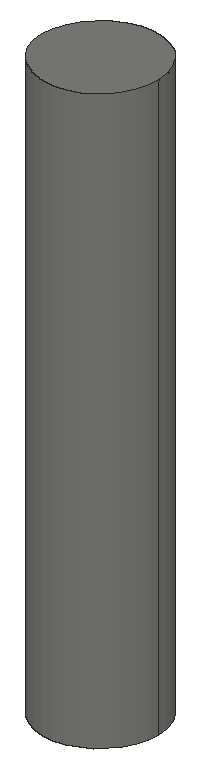
Revit family "Concrete - Round (column)", category Structural Columns, Revit 2017
Family settings
  Display in Hidden Views = Edges Hidden by Other Members
  Section Shape = Not Defined
  Material for Model Behavior = Concrete
  Always export as geometry = No
  Beam cutback in plan = From geometry
  Cut with Voids When Loaded = No
  Symbolic Representation = From Family
  Shared = No
  Show family pre-cut in plan views = Yes
Parameters
  d = 200 mm
  Structural Material = Concrete
  Creator Organization [instance] = "© Danish Educational Content"  # constant formula
  Creator Name [instance] = "© Erik Falck Jørgensen"  # constant formula
  Creator Build [instance] = "2017.0301.0"  # constant formula
Reference planes
  plane 1 "Center (Front/Back)": y = 0
  plane 2: z = 0
  plane 3 "Center (Left/Right)": x = 0
  plane 4: x = -100
  plane 5: x = 100
  plane 6: y = 100
  plane 7: y = -100
Forms (mm)
  Extrusion 1, solid, material "Concrete" <- "Structural Material"
    sketch origin (0, 0, 0) x (1, 0, 0) y (0, 1, 0)
      loop
        circle (0, 0) r 100
    from 0 to 1000
Dimensions and locks
  equal spacing: plane 4, plane 3 "Center (Left/Right)", plane 5
  equal spacing: plane 7, plane 1 "Center (Front/Back)", plane 6
  "d": plane 7 to plane 6
  "d": plane 4 to plane 5
  aligned and locked: level to Extrusion 1
  aligned and locked: level to plane 2
  aligned and locked: Extrusion 1 to plane 2
Automatic sketch dimensions
  Extrusion 1 sketch curve to plane 1 "Center (Front/Back)" = 0 mm
  Extrusion 1 sketch curve to plane 4 = 0 mm
  Extrusion 1 sketch curve to plane 3 "Center (Left/Right)" = 0 mm
